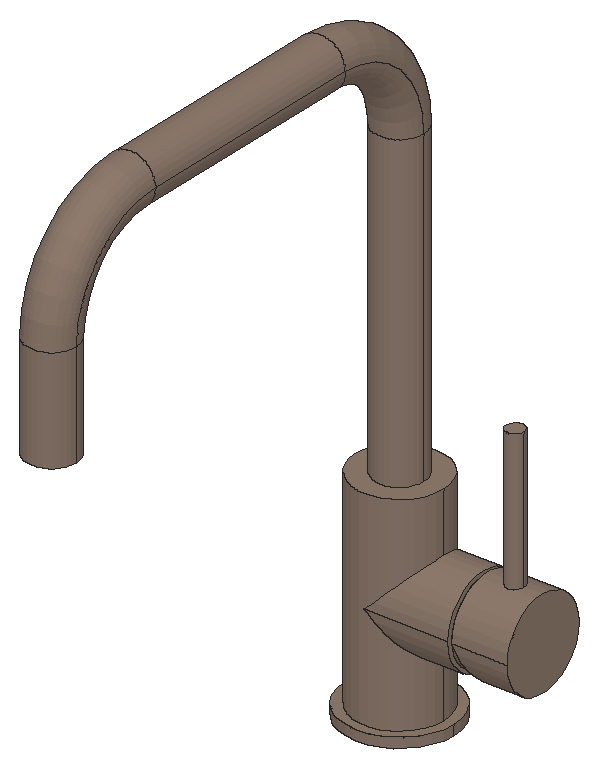
Revit family "Alma-KMVBC024-Charlotte_Square_Mixer-Antique_Brass", category Plumbing Fixtures, Revit 2026
Family settings
  Round Connector Dimension = Use Diameter
  Part Type = Normal
  Classification Number = 23.45.00.00
  Work Plane-Based = No
  Enable Cutting in Views = No
  Always vertical = Yes
  Cut with Voids When Loaded = No
  Maintain Annotation Orientation = No
  Shared = No
  Room Calculation Point = No
Parameters (values of type "Charlotte Antique Brass")
  URL = "https://www.buildmat.com.au/products/charlotte-brushed-nickel-square-mixer"
  Tap Material = Alma Vintage Antique Brass
  Model = "KMBN1005"  # constant formula
  Manufacturer = "BUILDMAT"  # constant formula
  Description = "Charlotte Square Mixer"  # constant formula
  Default Elevation = 0 mm
  Created = "22.12.2023"  # constant formula
  Brand = "Alma"  # constant formula
Reference planes
  plane 1 "Center (Front/Back)": y = 0
  plane 2 "Bottom": z = 0
  plane 3 "Center (Left/Right)": x = 0
  plane 4: y = -220
  plane 5 "Top": z = 330
  plane 6: z = 110
  plane 7: z = 215
  plane 8: z = 35
  plane 9: z = 150
  plane 10: x = 72.5
Forms (mm)
  Extrusion 1, solid, material "Alma Vintage Antique Brass" <- "Tap Material"
    sketch origin (0, 0, 0) x (1, 0, 0) y (0, 1, 0)
      loop
        circle (0, 0) r 27.5
    from 0 to 5
  Extrusion 2, solid, material "Alma Vintage Antique Brass" <- "Tap Material"
    sketch origin (0, 0, 0) x (1, 0, 0) y (0, 1, 0)
      loop
        circle (0, 0) r 22.5
    from 5 to 110
  Sweep 3, solid, material "Alma Vintage Antique Brass" <- "Tap Material"
    path origin (0, 0, 0) x (0, 1, 0) y (0, 0, 1)
      loop
        line (0, 110) -> (0, 267.5)
        arc (0, 267.5) -> (-14.645, 302.855) -> (-50, 317.5) r 50
        line (-50, 317.5) -> (-170, 317.5)
        arc (-170, 317.5) -> (-205.355, 302.855) -> (-220, 267.5) r 50
        line (-220, 267.5) -> (-220, 215)
    profile origin (0, 0, 188.75) x (0, -1, 0) y (1, 0, 0)
      loop
        circle (0, 0) r 12.5
  Extrusion 4, solid, material "Alma Vintage Antique Brass" <- "Tap Material"
    sketch origin (0, 0, -25) x (0, 1, 0) y (0, 0, 1)
      loop
        circle (0, 82.5) r 22.5
    from 0 to 42.5
  Extrusion 5, solid, material "Alma Vintage Antique Brass" <- "Tap Material"
    sketch origin (0, 0, -25) x (0, 1, 0) y (0, 0, 1)
      loop
        circle (0, 82.5) r 20.5
    from 42.5 to 72.5
  Extrusion 6, solid, material "Alma Vintage Antique Brass" <- "Tap Material"
    sketch origin (0, 0, -25) x (0, 1, 0) y (0, 0, 1)
      loop
        circle (0, 82.5) r 22.5
    from 44.5 to 72.5
  Extrusion 7, void
    sketch origin (-10, 0, -25) x (1, 0, 0) y (0, 0, 1)
      loop
        line (54.5, 60) -> (64.5, 60) -> (54.5, 82.5) -> (54.5, 60)
    from -22.5 to 22.5
  Extrusion 8, solid, material "Alma Vintage Antique Brass" <- "Tap Material"
    sketch origin (-10, 0, 0) x (1, 0, 0) y (0, 1, 0)
      loop
        circle (68.5, 0) r 4.5
    from 57.5 to 150
Cuts and joins
  Extrusion 7 cuts Extrusion 6
  joined: Extrusion 1, Extrusion 2, Sweep 3, Extrusion 4, Extrusion 5, Extrusion 6, Extrusion 8
Lines and regions (mm)
  symbolic lines, style "Axis"
    curve 1: line (0, 0, 0) -> (0, 0, 267.5)
    curve 2: line (0, -220, 215) -> (0, -220, 267.5)
    curve 3: line (0, 0, 0) -> (0, 0, 435)
    curve 4: line (0, -170, 317.5) -> (0, -50, 317.5)
    curve 5: arc (0, -170, 317.5) -> (0, -205.355, 302.855) -> (0, -220, 267.5) r 50
    curve 6: arc (0, -50, 317.5) -> (0, -14.645, 302.855) -> (0, 0, 267.5) r 50
Text (mm)
  text "Refer to www.buildmat.com.au for the most current product literature. \nAllow a +/- 5mm tolerance for dimensions shown in the product literature. \nPlease note product details are subject to change due to ongoing product development." at (0.056, -1035.857, 0), in view "Ref. Level"
Dimensions and locks
  plane 4 to plane 1 "Center (Front/Back)" = 220 mm
  plane 5 "Top" to plane 2 "Bottom" = 330 mm
  plane 6 to plane 2 "Bottom" = 110 mm
  plane 7 to plane 2 "Bottom" = 215 mm
  plane 9 to plane 8 to plane 2 "Bottom" = 115 mm, 35 mm
  Extrusion 1 to plane 10 = 100 mm
  aligned and locked: level to plane 2 "Bottom"
  aligned and locked: plane 6 to cut or joined group of Extrusion 1, Extrusion 2, Sweep 3, Extrusion 4, Extrusion 5, Extrusion 6, Extrusion 7, Extrusion 8
  aligned and locked: plane 6 to Sweep 3 sketch curve
